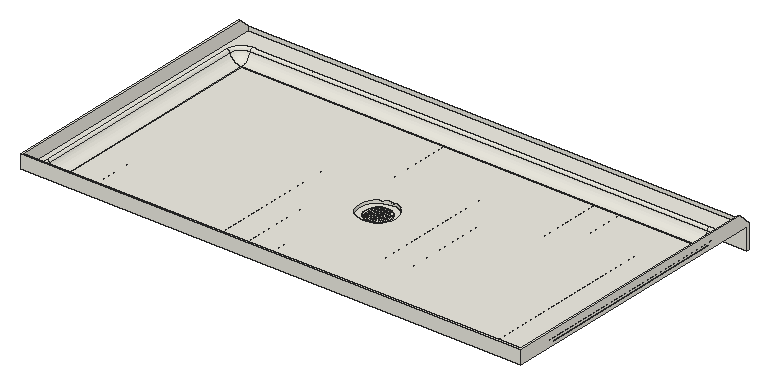
Revit family "Shower-Receptor-Sterling-Guard-72331100", category Plumbing Fixtures, host Face, Revit 2015 (continued)
Definition of nested family "K-72331100"
  Lines and regions (in)
    symbolic lines
      curve 162: arc (1.55562, -0.30757, -1.83027) -> (1.59097, -0.32221, -1.83027) -> (1.60562, -0.35757, -1.83027) r 0.05
      curve 163: line (1.60562, -0.35757, -1.83027) -> (1.60562, -0.66382, -1.83027)
      curve 164: arc (1.60562, -0.66382, -1.83027) -> (1.59097, -0.69917, -1.83027) -> (1.55562, -0.71382, -1.83027) r 0.05
      curve 165: line (1.55562, -0.71382, -1.83027) -> (1.25562, -0.71382, -1.83027)
      curve 166: arc (1.25562, -0.71382, -1.83027) -> (1.22026, -0.69917, -1.83027) -> (1.20562, -0.66382, -1.83027) r 0.05
      curve 167: line (1.71671, -0.67341, -1.83027) -> (1.71671, -0.36716, -1.83027)
      curve 168: arc (1.71671, -0.36716, -1.83027) -> (1.73135, -0.33181, -1.83027) -> (1.76671, -0.31716, -1.83027) r 0.05
      curve 169: line (1.76671, -0.31716, -1.83027) -> (2.06671, -0.31716, -1.83027)
      curve 170: arc (2.06671, -0.31716, -1.83027) -> (2.10206, -0.33181, -1.83027) -> (2.11671, -0.36716, -1.83027) r 0.05
      curve 171: line (2.11671, -0.36716, -1.83027) -> (2.11671, -0.67341, -1.83027)
      curve 172: arc (2.11671, -0.67341, -1.83027) -> (2.10206, -0.70877, -1.83027) -> (2.06671, -0.72341, -1.83027) r 0.05
      curve 173: line (2.06671, -0.72341, -1.83027) -> (1.76671, -0.72341, -1.83027)
      curve 174: arc (1.76671, -0.72341, -1.83027) -> (1.73135, -0.70877, -1.83027) -> (1.71671, -0.67341, -1.83027) r 0.05
      curve 175: line (-0.07952, -1.13811, -1.83027) -> (-0.07952, -0.83186, -1.83027)
      curve 176: arc (-0.07952, -0.83186, -1.83027) -> (-0.06487, -0.7965, -1.83027) -> (-0.02952, -0.78186, -1.83027) r 0.05
      curve 177: line (-0.02952, -0.78186, -1.83027) -> (0.27048, -0.78186, -1.83027)
      curve 178: arc (0.27048, -0.78186, -1.83027) -> (0.30584, -0.7965, -1.83027) -> (0.32048, -0.83186, -1.83027) r 0.05
      curve 179: line (0.32048, -0.83186, -1.83027) -> (0.32048, -1.13811, -1.83027)
      curve 180: arc (0.32048, -1.13811, -1.83027) -> (0.30584, -1.17346, -1.83027) -> (0.27048, -1.18811, -1.83027) r 0.05
      curve 181: line (0.27048, -1.18811, -1.83027) -> (-0.02952, -1.18811, -1.83027)
      curve 182: arc (-0.02952, -1.18811, -1.83027) -> (-0.06487, -1.17346, -1.83027) -> (-0.07952, -1.13811, -1.83027) r 0.05
      curve 183: line (0.46899, -1.13811, -1.83027) -> (0.46899, -0.83186, -1.83027)
      curve 184: arc (0.46899, -0.83186, -1.83027) -> (0.48364, -0.7965, -1.83027) -> (0.51899, -0.78186, -1.83027) r 0.05
      curve 185: line (0.51899, -0.78186, -1.83027) -> (0.81899, -0.78186, -1.83027)
      curve 186: arc (0.81899, -0.78186, -1.83027) -> (0.85435, -0.7965, -1.83027) -> (0.86899, -0.83186, -1.83027) r 0.05
      curve 187: line (0.86899, -0.83186, -1.83027) -> (0.86899, -1.13811, -1.83027)
      curve 188: arc (0.86899, -1.13811, -1.83027) -> (0.85435, -1.17346, -1.83027) -> (0.81899, -1.18811, -1.83027) r 0.05
      curve 189: line (0.81899, -1.18811, -1.83027) -> (0.51899, -1.18811, -1.83027)
      curve 190: arc (0.51899, -1.18811, -1.83027) -> (0.48364, -1.17346, -1.83027) -> (0.46899, -1.13811, -1.83027) r 0.05
      curve 191: line (0.96985, -1.15003, -1.83027) -> (0.96985, -0.84378, -1.83027)
      curve 192: arc (0.96985, -0.84378, -1.83027) -> (0.98449, -0.80843, -1.83027) -> (1.01985, -0.79378, -1.83027) r 0.05
      curve 193: line (1.01985, -0.79378, -1.83027) -> (1.31985, -0.79378, -1.83027)
      curve 194: arc (1.31985, -0.79378, -1.83027) -> (1.3552, -0.80843, -1.83027) -> (1.36985, -0.84378, -1.83027) r 0.05
      curve 195: line (1.36985, -0.84378, -1.83027) -> (1.36985, -1.15003, -1.83027)
      curve 196: arc (1.36985, -1.15003, -1.83027) -> (1.3552, -1.18539, -1.83027) -> (1.31985, -1.20003, -1.83027) r 0.05
      curve 197: line (1.31985, -1.20003, -1.83027) -> (1.01985, -1.20003, -1.83027)
      curve 198: arc (1.01985, -1.20003, -1.83027) -> (0.98449, -1.18539, -1.83027) -> (0.96985, -1.15003, -1.83027) r 0.05
      curve 199: line (1.45792, -1.13822, -1.83027) -> (1.45792, -0.83197, -1.83027)
      curve 200: arc (1.45792, -0.83197, -1.83027) -> (1.47257, -0.79661, -1.83027) -> (1.50792, -0.78197, -1.83027) r 0.05
      curve 201: line (1.50792, -0.78197, -1.83027) -> (1.80792, -0.78197, -1.83027)
      curve 202: arc (1.80792, -0.78197, -1.83027) -> (1.84328, -0.79661, -1.83027) -> (1.85792, -0.83197, -1.83027) r 0.05
      curve 203: line (1.85792, -0.83197, -1.83027) -> (1.85792, -1.13822, -1.83027)
      curve 204: arc (1.85792, -1.13822, -1.83027) -> (1.84328, -1.17358, -1.83027) -> (1.80792, -1.18822, -1.83027) r 0.05
      curve 205: line (1.80792, -1.18822, -1.83027) -> (1.50792, -1.18822, -1.83027)
      curve 206: arc (1.50792, -1.18822, -1.83027) -> (1.47257, -1.17358, -1.83027) -> (1.45792, -1.13822, -1.83027) r 0.05
  Dimensions and locks (in)
    aligned and locked: plane 2 to level
Types (3): name | Waste Connection | Type | Model | Finish
  (no name) | no | 2 | "72331100-96-Biscuit" | China - Kohler - 96- Biscuit
  60"-0-White | yes | 1 | "72331100-0-White" | China - Kohler - 0 - White
  60"-96-Biscuit | no | 2 | "72331100-96-Biscuit" | China - Kohler - 96- Biscuit
